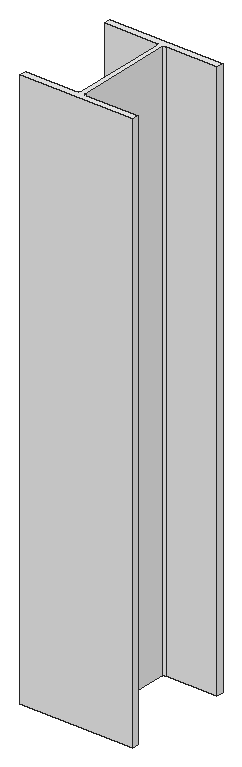
Revit family "WWF-용접 와이드 플랜지-기둥", category 구조 기둥, Revit 2026
Family settings
  단면 모양 = 정의되지 않음
  모델 동작 재료 = 스틸
  항상 형상으로 내보내기 = 아니오
  평면의 보 전환 = 경계 상자에서
  로드될 때 보이드를 사용하여 절단 = 아니오
  기호 표현 = 프로젝트 설정에서
  공유 = 아니오
  평면도에서 미리 절단된 패밀리 표시 = 예
Parameters (values of type "WWF500x306")
  Structural Material [instance] = 금속 - 스틸 - 345 MPa
  kr = k - (tw / 2)  # 10 mm
  Assembly Code = ""
  A = 0.039 m²
  W = 3
  bf = 500 mm
  d = 500 mm
  k = 20 mm
  tf = 30 mm
  tw = 20 mm
Reference planes
  plane 1: y = 0
  plane 2: z = 0
  plane 3: x = 0
  plane 4: x = -250
  plane 5: x = 250
  plane 6: y = 250
  plane 7: y = -250
  plane 8: x = -3.969
  plane 9: x = 3.969
Forms (mm)
  Extrusion 1, solid, material "금속 - 스틸 - 345 MPa" <- "Structural Material", detail levels medium
    sketch origin (0, 0, 0) x (1, 0, 0) y (0, 1, 0)
      loop
        line (-250, 250) -> (-250, 220) -> (-10, 220) -> (-10, -220) -> (-250, -220) -> (-250, -250) -> (250, -250) -> (250, -220) -> (10, -220) -> (10, 220) -> (250, 220) -> (250, 250) -> (-250, 250)
    from 0 to 2500
  Extrusion 2, solid, material "금속 - 스틸 - 345 MPa" <- "Structural Material", detail levels fine
    sketch origin (0, 0, 0) x (1, 0, 0) y (0, 1, 0)
      loop
        line (-250, 250) -> (-250, 220) -> (-20, 220)
        arc (-20, 220) -> (-12.929, 217.071) -> (-10, 210) r 10
        line (-10, 210) -> (-10, -210)
        arc (-10, -210) -> (-12.929, -217.071) -> (-20, -220) r 10
        line (-20, -220) -> (-250, -220) -> (-250, -250) -> (250, -250) -> (250, -220) -> (20, -220)
        arc (20, -220) -> (12.929, -217.071) -> (10, -210) r 10
        line (10, -210) -> (10, 210)
        arc (10, 210) -> (12.929, 217.071) -> (20, 220) r 10
        line (20, 220) -> (250, 220) -> (250, 250) -> (-250, 250)
    from 0 to 2500
Lines and regions (mm)
  symbolic lines, style "StructuralColumnStickSymbols", detail levels coarse
    curve 1: line (-250, 250, 0) -> (250, 250, 0)
    curve 2: line (-250, -250, 0) -> (250, -250, 0)
    curve 3: line (0, 250, 0) -> (0, -250, 0)
  symbolic lines, style "숨겨진 면", detail levels medium+fine
    curve 4: line (-3.969, 0, 0) -> (-3.969, 0, 2500)
    curve 5: line (3.969, 0, 2500) -> (3.969, 0, 0)
Dimensions and locks
  equal spacing: plane 4, plane 3, plane 5
  equal spacing: plane 7, plane 1, plane 6
  "d": plane 7 to plane 6
  "bf": plane 4 to plane 5
  "tf": plane 7 to Extrusion 1 sketch curve
  "tf": Extrusion 1 sketch curve to plane 6
  equal spacing: Extrusion 1 sketch curve, plane 3, Extrusion 1 sketch curve
  "tw": Extrusion 1 sketch curve to Extrusion 1 sketch curve
  "kr": radius of Extrusion 2 sketch curve  (x4)
  aligned and locked: Extrusion 1 sketch curve to plane 6
  aligned and locked: Extrusion 1 sketch curve to plane 7
  aligned and locked: Extrusion 1 sketch curve to plane 4  (x2)
  aligned and locked: plane 5 to Extrusion 1 sketch curve  (x2)
  aligned and locked: Extrusion 1 sketch curve to Extrusion 1 sketch curve  (x2)
  aligned and locked: level to Extrusion 1
  aligned and locked: level to plane 2
  aligned and locked: Extrusion 1 to plane 2
  aligned and locked: Extrusion 2 sketch curve to plane 6
  aligned and locked: plane 5 to Extrusion 2 sketch curve  (x2)
  aligned and locked: Extrusion 2 sketch curve to plane 4  (x2)
  aligned and locked: Extrusion 2 sketch curve to Extrusion 1  (x6)
  aligned and locked: Extrusion 2 sketch curve to plane 7
  aligned and locked: level to Extrusion 2
  aligned and locked: Extrusion 2 to level
Automatic sketch dimensions
  curve 2 to plane 4 = 0 mm
  curve 1 to plane 4 = 0 mm
  curve 3 to plane 3 = 0 mm
  curve 2 to plane 5 = 0 mm
  curve 1 to plane 5 = 0 mm
  curve 3 to plane 7 = 0 mm
  curve 3 to plane 6 = 0 mm
  curve 4 to level = 0 mm  (x2)
  curve 4 to plane 8 = 0 mm
  curve 5 to level = 0 mm  (x2)
  curve 5 to plane 9 = 0 mm
